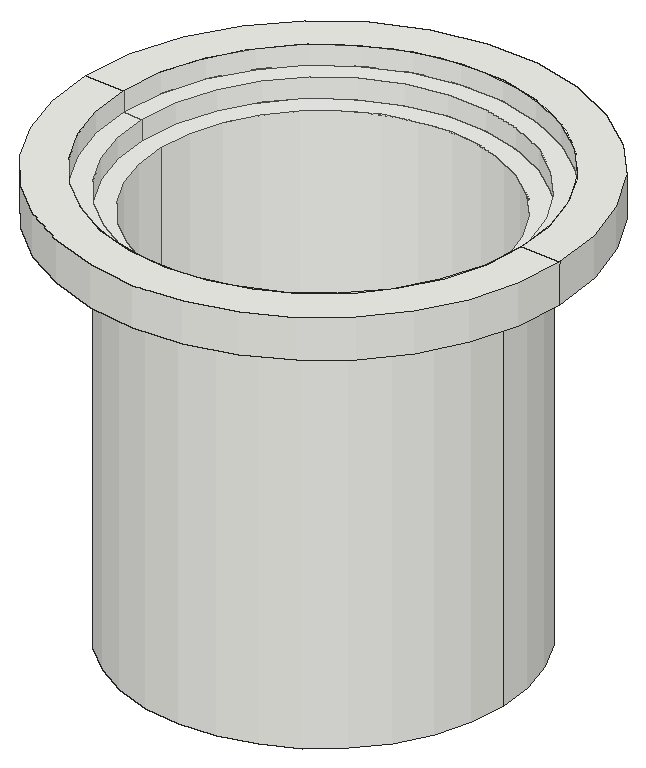
Revit family
Parameters (values of type "200 Watts")
  Wattage Comments = "200"
  Wattage = 200 W
  built-in parameter 1150110 = 1 (stored number, unit not read)
  built-in parameter 1114217 = 1 (stored number, unit not read)
  built-in parameter 1150109 = 1 (stored number, unit not read)
  built-in parameter 1150134 = 4
  built-in parameter 1150113 = 1 (stored number, unit not read)
  built-in parameter 1150105 = 763.94 (stored number, unit not read)
  Lumens = 2400 lm
  built-in parameter 1150115 = 1 (stored number, unit not read)
  Light Source Symbol Size = 609.6 mm
  built-in parameter 1150137 = (empty or 0)
  built-in parameter 1150139 = (empty or 0)
  Lens Material = Glass-White
  built-in parameter 1150112 = 1 (stored number, unit not read)
  built-in parameter 1150114 = 1 (stored number, unit not read)
  Lamp = "FL-1"
  built-in parameter 1150132 = (empty or 0)
  built-in parameter 1150102 = (empty or 0)
  built-in parameter 1150107 = 2800 (stored number, unit not read)
  built-in parameter 1150138 = (empty or 0)
  built-in parameter 1150106 = 7.6394 (stored number, unit not read)
  built-in parameter 1150104 = 1.1148 (stored number, unit not read)
  Dimming Lamp Color Temperature Shift = (empty or 0)
  Color Filter = 16777215
  Casing Material = Metal-Paint Finish
  built-in parameter 1114218 = 1 (stored number, unit not read)
  built-in parameter 1150133 = 10 (stored number, unit not read)
Types (3, lengths in mm): name | Wattage Comments | Wattage | built-in parameter 1150105 | Lumens | built-in parameter 1150106
  (no name) | "200" | 200 W | 763.94 (stored number, unit not read) | 2400 lm | 7.6394 (stored number, unit not read)
  200 Watts | "200" | 200 W | 763.94 (stored number, unit not read) | 2400 lm | 7.6394 (stored number, unit not read)
  400 Watts | "400" | 400 W | 1527.9 (stored number, unit not read) | 4800 lm | 15.279 (stored number, unit not read)
Reference planes
  plane 1 "Light Source Axis (F/B)": y = 0
  plane 2: z = 0
  plane 3 "Light Source Axis (L/R)": x = 0
  plane 4 "Light Source Elevation": z = 15
  plane 5: x = -125
  plane 6: x = 125
Forms (mm)
  Revolve 1, solid, material "Metal-Paint Finish" <- "Casing Material"
    sketch origin (0, 0, 0) x (1, 0, 0) y (0, 0, 1)
      loop
        line (-95.123, 0) -> (-95.123, 10) -> (-105, 10) -> (-105, 20) -> (-125, 20) -> (-125, 0) -> (-95.123, 0)
      axis (0, 20) -> (0, 0)
    angle from 0 to 360
  Extrusion 2, solid, material "Glass-White" <- "Lens Material"
    sketch origin (0, 0, 0) x (1, 0, 0) y (0, 1, 0)
      loop
        circle (0, 0) r 105
    from 10 to 20
  Extrusion 3, solid, material "Metal-Paint Finish" <- "Casing Material"
    sketch origin (0, 0, 0) x (1, 0, 0) y (0, 1, 0)
      loop
        circle (0, 0) r 95.123
      loop
        circle (0, 0) r 85.123
    from 0 to -200
  Extrusion 4, solid, material "Metal-Paint Finish" <- "Casing Material"
    sketch origin (0, 0, 0) x (1, 0, 0) y (0, 1, 0)
      loop
        circle (0, 0) r 85.123
    from -190 to -200
Lines and regions (mm)
  Masking region 1
    outline origin (0, 0, 0) x (1, 0, 0) y (0, 1, 0)
      loop
        circle (0, 0) r 125
  symbolic lines
    curve 1: arc (-125, 0, 0) -> (0, 125, 0) -> (125, 0, 0) r 125
    curve 2: arc (125, 0, 0) -> (0, -125, 0) -> (-125, 0, 0) r 125
    curve 3: arc (-105, 0, 0) -> (0, 105, 0) -> (105, 0, 0) r 105
    curve 4: arc (-105, 0, 0) -> (0, -105, 0) -> (105, 0, 0) r 105
Dimensions and locks
  plane 5 to plane 6 = 250 mm
  aligned and locked: Extrusion 2 to Revolve 1  (x2)
  aligned and locked: plane 2 to Extrusion 3
  aligned and locked: Extrusion 3 to Extrusion 4
  aligned and locked: plane 5 to Revolve 1
  aligned and locked: plane 6 to Revolve 1
  aligned and locked: Masking region 1 sketch curve to curve 1
  aligned and locked: Masking region 1 sketch curve to curve 2
  aligned and locked: plane 1 "Light Source Axis (F/B)" to imposter light
  aligned and locked: plane 4 "Light Source Elevation" to imposter light
  aligned and locked: imposter light to plane 3 "Light Source Axis (L/R)"
